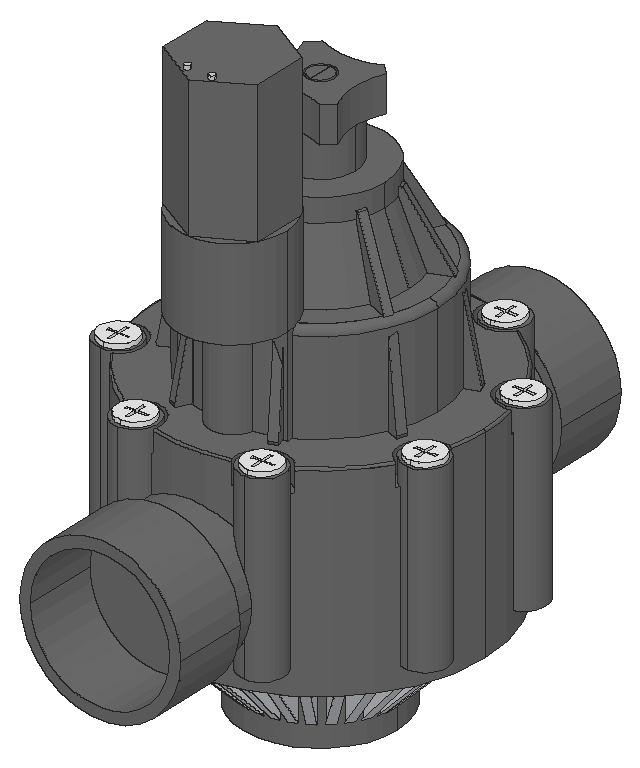
Revit family "Valve - PGA Series - 150PGA", category Acessórios do tubo, Revit 2020
Family settings
  Cota do conector redondo = Utilizar diâmetro
  Tipo de parte = Normal
  Número OmniClass = 23.60.30.11.14
  Título OmniClass = Pipework Fittings
  Com base no plano de trabalho = Não
  Sempre na vertical = Sim
  Corte com vazios quando carregada = Não
  Compartilhado = Não
Parameters (values of type "150-PGA")
  a [instance] = 1.27 cm
  URL = "https://www.rainbird.com/"
  SupportProjetos: Reviw Date = "10/11/2020"  # constant formula
  SupportProjetos: Reviw = "R01"  # constant formula
  SupportProjetos: Level of Detail = "LOD 300"  # constant formula
  SupportProjetos: Developed = "MICHEL SOARES MOTA"  # constant formula
  SupportProjetos: Creation Date = "25/08/2020"  # constant formula
  RainBird: Product Link = "https://www.rainbird.com/"
  RainBird: Description = "Valves - PGA Series - 150PGA"
  RainBird: Comment = ""
  RainBird: Code = "B30410"  # constant formula
  R3 [instance] = 3.81 cm
  R2 [instance] = 3.81 cm
  R1 [instance] = 3.81 cm
  Modelo = "150PGA"
  Material Parafuso = Aço cromado
  Material = PVC-U
  Elevação padrão = 0 cm
  Diametro corpo [instance] = 9 cm
  Diametro Tubo = 3.81 cm
  Det1 [instance] = 2 cm
  Descrição = RainBird: Description  # "Valves - PGA Series - 150PGA"
  Caminho croqui = 11 cm
  Anotação da Válvula = yes
Types (3, lengths in cm): name | RainBird: Description | Modelo | Descrição
  (no name) | "Valves - PGA Series - 150PGA" | "150PGA" | "Valves - PGA Series - 150PGA"
  150-PGA | "Valves - PGA Series - 150PGA" | "150PGA" | "Valves - PGA Series - 150PGA"
  150-PGA-PRS-D | "Valves - PGA Series - 150PGA-PRS-D" | "150PGA-PRS-D" | "Valves - PGA Series - 150PGA-PRS-D"
Reference planes (cm)
  plane 1 "Centro (Frente/Trás)": y = 0
  plane 2: z = 0
  plane 3 "Centro (Esquerda/Direita)": x = 0
  plane 4: through (0.0044, -0.0161, 120) normal (-0.9239, 0.3827, 0)
  plane 5: through (0.1011, 0.024, 120) normal (-0.3827, -0.9239, 0)
Forms (cm)
  Sweep 1, solid, material "PVC-U" <- "Material"
    path origin (0, 0, 0) x (1, 0, 0) y (0, 1, 0)
      loop
        circle (0, 0) r 4.5
    profile origin (0, 4.5, 0) x (0, -1, 0) y (0, 0, 1)
      loop
        line (0, -2.397) -> (2.3943, -3.1378) -> (2.3943, -5.0031) -> (2.595, -5.0031) -> (2.595, -3.1717) -> (3.2321, -3.1717) -> (3.2321, 7.0199) -> (4.0412, 7.0199) -> (4.0412, 9.3751) -> (3.5353, 9.3751) -> (3.5353, 8.2745) -> (2.7355, 8.2745) -> (2.7355, 7.6545) -> (2.0932, 5.8899) -> (1.5035, 5.8899)
        arc (1.5035, 5.8899) -> (1.3596, 5.8303) -> (1.3, 5.6864) r 0.2035
        line (1.3, 5.6864) -> (1.3, 3.1717) -> (0.0537, 3.1717)
        arc (0.0537, 3.1717) -> (0.0157, 3.156) -> (0, 3.118) r 0.0537
        line (0, 3.118) -> (0, -2.397)
  Extrusion 2, solid, material "PVC-U" <- "Material"
    sketch origin (0, 0, 0) x (0, 1, 0) y (-1, 0, 0)
      loop
        circle (-1.6749, -4.2026) r 0.5971
      loop
        circle (1.7135, -4.18) r 0.5971
      loop
        circle (4.1542, -1.7318) r 0.5971
      loop
        circle (4.1489, 1.6995) r 0.5971
      loop
        circle (1.769, 4.1115) r 0.5971
      loop
        circle (-1.7306, 4.1349) r 0.5971
      loop
        circle (-4.1607, 1.7124) r 0.5971
      loop
        circle (-4.166, -1.7446) r 0.5971
    from -1.7848 to 3.1717
  Extrusion 3, void
    sketch origin (0, 20, 0) x (0, 1, 0) y (-1, 0, 0)
      loop
        circle (-24.1607, 1.7124) r 0.6982
      loop
        circle (-21.7306, 4.1349) r 0.6982
      loop
        circle (-18.231, 4.1115) r 0.6982
      loop
        circle (-24.166, -1.7446) r 0.6982
      loop
        circle (-15.8511, 1.6995) r 0.6982
      loop
        circle (-15.8458, -1.7318) r 0.6982
      loop
        circle (-18.2865, -4.18) r 0.6982
      loop
        circle (-21.6749, -4.2026) r 0.6982
    from 2.5471 to 3.2579
  Extrusion 4, solid, material "Aço cromado" <- "Material Parafuso"
    sketch origin (0, 0, 0) x (0, 1, 0) y (-1, 0, 0)
      loop
        circle (-1.7306, 4.1349) r 0.5
      loop
        line (-1.7745, 4.1618) -> (-2.0351, 4.1618) -> (-2.0351, 4.0778) -> (-1.7745, 4.0778) -> (-1.7745, 3.8166) -> (-1.6963, 3.8166) -> (-1.6963, 4.0778) -> (-1.4386, 4.0778) -> (-1.4386, 4.1618) -> (-1.6963, 4.1618) -> (-1.6963, 4.4033) -> (-1.7745, 4.4033) -> (-1.7745, 4.1618)
      loop
        circle (-4.1607, 1.7124) r 0.5
      loop
        line (-4.2046, 1.7392) -> (-4.4652, 1.7392) -> (-4.4652, 1.6552) -> (-4.2046, 1.6552) -> (-4.2046, 1.3941) -> (-4.1264, 1.3941) -> (-4.1264, 1.6552) -> (-3.8686, 1.6552) -> (-3.8686, 1.7392) -> (-4.1264, 1.7392) -> (-4.1264, 1.9807) -> (-4.2046, 1.9807) -> (-4.2046, 1.7392)
      loop
        circle (-4.166, -1.7446) r 0.5
      loop
        line (-4.2099, -1.7178) -> (-4.4705, -1.7178) -> (-4.4705, -1.8017) -> (-4.2099, -1.8017) -> (-4.2099, -2.0629) -> (-4.1317, -2.0629) -> (-4.1317, -1.8017) -> (-3.874, -1.8017) -> (-3.874, -1.7178) -> (-4.1317, -1.7178) -> (-4.1317, -1.4763) -> (-4.2099, -1.4763) -> (-4.2099, -1.7178)
      loop
        circle (-1.6749, -4.2026) r 0.5
      loop
        line (-1.7188, -4.1758) -> (-1.9794, -4.1758) -> (-1.9794, -4.2598) -> (-1.7188, -4.2598) -> (-1.7188, -4.521) -> (-1.6406, -4.521) -> (-1.6406, -4.2598) -> (-1.3829, -4.2598) -> (-1.3829, -4.1758) -> (-1.6406, -4.1758) -> (-1.6406, -3.9343) -> (-1.7188, -3.9343) -> (-1.7188, -4.1758)
      loop
        circle (1.7135, -4.18) r 0.5
      loop
        line (1.6696, -4.1531) -> (1.409, -4.1531) -> (1.409, -4.2371) -> (1.6696, -4.2371) -> (1.6696, -4.4983) -> (1.7478, -4.4983) -> (1.7478, -4.2371) -> (2.0056, -4.2371) -> (2.0056, -4.1531) -> (1.7478, -4.1531) -> (1.7478, -3.9116) -> (1.6696, -3.9116) -> (1.6696, -4.1531)
      loop
        circle (4.1542, -1.7318) r 0.5
      loop
        line (4.1103, -1.7049) -> (3.8497, -1.7049) -> (3.8497, -1.7889) -> (4.1103, -1.7889) -> (4.1103, -2.0501) -> (4.1885, -2.0501) -> (4.1885, -1.7889) -> (4.4462, -1.7889) -> (4.4462, -1.7049) -> (4.1885, -1.7049) -> (4.1885, -1.4634) -> (4.1103, -1.4634) -> (4.1103, -1.7049)
      loop
        circle (1.769, 4.1115) r 0.5
      loop
        line (1.725, 4.1384) -> (1.4645, 4.1384) -> (1.4645, 4.0544) -> (1.725, 4.0544) -> (1.725, 3.7932) -> (1.8032, 3.7932) -> (1.8032, 4.0544) -> (2.061, 4.0544) -> (2.061, 4.1384) -> (1.8032, 4.1384) -> (1.8032, 4.3799) -> (1.725, 4.3799) -> (1.725, 4.1384)
      loop
        circle (4.1489, 1.6995) r 0.5
      loop
        line (4.105, 1.7264) -> (3.8444, 1.7264) -> (3.8444, 1.6424) -> (4.105, 1.6424) -> (4.105, 1.3812) -> (4.1832, 1.3812) -> (4.1832, 1.6424) -> (4.4409, 1.6424) -> (4.4409, 1.7264) -> (4.1832, 1.7264) -> (4.1832, 1.9679) -> (4.105, 1.9679) -> (4.105, 1.7264)
    from 3.1717 to 3.2923
  Sweep 5, solid, material "PVC-U" <- "Material"
    path origin (0, 0, 0) x (1, 0, 0) y (0, 1, 0)
      loop
        line (0, -5.5) -> (0, 5.5)
    profile origin (0, 0, 0) x (-1, 0, 0) y (0, 0, 1)
      loop
        circle (0, 0) r 1.905
  Sweep 6, solid, material "PVC-U" <- "Material"
    path origin (0, 0, 0) x (1, 0, 0) y (0, 1, 0)
      loop
        line (0, 5.5) -> (0, 7.5)
    profile origin (0, 6.5, 0) x (-1, 0, 0) y (0, 0, 1)
      loop
        circle (0, 0) r 2.1996
      loop
        circle (0, 0) r 1.905
  Sweep 7, solid, material "PVC-U" <- "Material"
    path origin (0, 0, 0) x (1, 0, 0) y (0, 1, 0)
      loop
        line (0, -5.5) -> (0, -7.5)
    profile origin (0, -6.5, 0) x (1, 0, 0) y (0, 0, 1)
      loop
        circle (0, 0) r 1.905
      loop
        circle (0, 0) r 2.1996
  Extrusion 8, solid, material "PVC-U" <- "Material"
    sketch origin (0, 0, 0) x (1, 0, 0) y (0, 1, 0)
      loop
        circle (-1.2684, 1.1319) r 0.5
    from 4.73 to 7.1863
  Extrusion 9, solid, material "PVC-U" <- "Material"
    sketch origin (0, 0, 0) x (1, 0, 0) y (0, 1, 0)
      loop
        circle (-1.2684, 1.1319) r 0.35
    from 7.1863 to 8.23
  Extrusion 10, solid, material "PVC-U" <- "Material"
    sketch origin (0, 0, 0) x (1, 0, 0) y (0, 1, 0)
      loop
        circle (-1.2684, 1.1319) r 0.1348
      loop
        line (-1.5709, 1.5211) -> (-1.6659, 1.4261)
        arc (-1.6659, 1.4261) -> (-1.5973, 1.1326) -> (-1.6637, 0.8386) r 0.673
        line (-1.6637, 0.8386) -> (-1.5688, 0.7436)
        arc (-1.5688, 0.7436) -> (-1.2712, 0.8132) -> (-0.9736, 0.7436) r 0.6718
        line (-0.9736, 0.7436) -> (-0.8778, 0.8394)
        arc (-0.8778, 0.8394) -> (-0.9436, 1.1315) -> (-0.8786, 1.4239) r 0.686
        line (-0.8786, 1.4239) -> (-0.9762, 1.5215)
        arc (-0.9762, 1.5215) -> (-1.2735, 1.4534) -> (-1.5709, 1.5211) r 0.6846
    from 8.23 to 8.509
  Extrusion 11, solid, material "PVC-U" <- "Material"
    sketch origin (1.2875, -1.1319, 0) x (1, 0, 0) y (0, 1, 0)
      loop
        circle (-1.2684, 1.1319) r 0.3851
      loop
        line (-2.1324, 2.2437) -> (-2.4038, 1.9724)
        arc (-2.4038, 1.9724) -> (-2.2079, 1.134) -> (-2.3976, 0.2941) r 1.9225
        line (-2.3976, 0.2941) -> (-2.1264, 0.0229)
        arc (-2.1264, 0.0229) -> (-1.2763, 0.2215) -> (-0.4262, 0.0229) r 1.9189
        line (-0.4262, 0.0229) -> (-0.1528, 0.2963)
        arc (-0.1528, 0.2963) -> (-0.3407, 1.131) -> (-0.1551, 1.9661) r 1.9594
        line (-0.1551, 1.9661) -> (-0.4338, 2.2448)
        arc (-0.4338, 2.2448) -> (-1.283, 2.0502) -> (-2.1324, 2.2437) r 1.9556
      loop
        arc (-1.3071, 1.4648) -> (-1.6036, 1.1319) -> (-1.3071, 0.799) r 0.3351
        line (-1.3071, 0.799) -> (-1.3071, 1.4648)
      loop
        line (-1.2684, 1.467) -> (-1.2684, 0.7967)
        arc (-1.2684, 0.7967) -> (-0.9581, 1.1319) -> (-1.2684, 1.467) r 0.3361
    from 9.3751 to 10.3365
  Extrusion 12, solid, material "PVC-U" <- "Material"
    sketch origin (0, 0, 0) x (1, 0, 0) y (0, 1, 0)
      loop
        circle (0, 0) r 0.7379
    from 8.3753 to 9.3751
  Extrusion 13, solid, material "PVC-U" <- "Material"
    sketch origin (0, 0, 0) x (1, 0, 0) y (0, 1, 0)
      loop
        circle (0, -3) r 0.6406
    from 1.7812 to 5.8349
  Extrusion 14, solid, material "PVC-U" <- "Material"
    sketch origin (0, 0, 0) x (1, 0, 0) y (0, 1, 0)
      loop
        circle (0, -3) r 1.5
    from 5.8349 to 8.3126
  Extrusion 15, solid, material "PVC-U" <- "Material"
    sketch origin (0, 0, 0) x (1, 0, 0) y (0, 1, 0)
      loop
        line (0, -4.5) -> (1.299, -3.75) -> (1.299, -2.25) -> (0, -1.5) -> (-1.299, -2.25) -> (-1.299, -3.75) -> (0, -4.5)
    from 8.3126 to 12.15
  Extrusion 16, solid, material "PVC-U" <- "Material"
    sketch origin (0, 0, 0) x (1, 0, 0) y (0, 1, 0)
      loop
        arc (1.5, -3) -> (0, -1.5) -> (-1.5, -3) r 1.5
        line (-1.5, -3) -> (1.5, -3)
    from 1.7812 to 5.8349
  Extrusion 17, solid
    sketch origin (0, 0, 0) x (1, 0, 0) y (0, 1, 0)
      loop
        circle (-0.329, -4.1208) r 0.0806
      loop
        circle (0.3553, -4.1386) r 0.0824
    from 12.15 to 12.2333
  Extrusion 18, solid
    sketch origin (0, 0, 0) x (1, 0, 0) y (0, 0, 1)
      loop
        line (1.9181, -3.1958) -> (1.9181, -4.5933) -> (3.9417, -2.5697) -> (1.9181, -3.1958)
    from -0.114 to 0.114
  Extrusion 19, solid
    sketch origin (0, 0, 0) x (0.980785, -0.19509, 0) y (0, 0, 1)
      loop
        line (1.9181, -3.1958) -> (1.9181, -4.5933) -> (3.9417, -2.5697) -> (1.9181, -3.1958)
    from -0.114 to 0.114
  Extrusion 20, solid
    sketch origin (0, 0, 0) x (0.92388, -0.382683, 0) y (0, 0, 1)
      loop
        line (1.9181, -3.1958) -> (1.9181, -4.5933) -> (3.9417, -2.5697) -> (1.9181, -3.1958)
    from -0.114 to 0.114
  Extrusion 21, solid
    sketch origin (0, 0, 0) x (0.83147, -0.55557, 0) y (0, 0, 1)
      loop
        line (1.9181, -3.1958) -> (1.9181, -4.5933) -> (3.9417, -2.5697) -> (1.9181, -3.1958)
    from -0.114 to 0.114
  Extrusion 22, solid
    sketch origin (0, 0, 0) x (0.707107, -0.707107, 0) y (0, 0, 1)
      loop
        line (1.9181, -3.1958) -> (1.9181, -4.5933) -> (3.9417, -2.5697) -> (1.9181, -3.1958)
    from -0.114 to 0.114
  Extrusion 23, solid
    sketch origin (0, 0, 0) x (0.55557, -0.83147, 0) y (0, 0, 1)
      loop
        line (1.9181, -3.1958) -> (1.9181, -4.5933) -> (3.9417, -2.5697) -> (1.9181, -3.1958)
    from -0.114 to 0.114
  Extrusion 24, solid
    sketch origin (0, 0, 0) x (0.382683, -0.92388, 0) y (0, 0, 1)
      loop
        line (1.9181, -3.1958) -> (1.9181, -4.5933) -> (3.9417, -2.5697) -> (1.9181, -3.1958)
    from -0.114 to 0.114
  Extrusion 25, solid
    sketch origin (0, 0, 0) x (0.19509, -0.980785, 0) y (0, 0, 1)
      loop
        line (1.9181, -3.1958) -> (1.9181, -4.5933) -> (3.9417, -2.5697) -> (1.9181, -3.1958)
    from -0.114 to 0.114
  Extrusion 26, solid
    sketch origin (0, 0, 0) x (0, -1, 0) y (0, 0, 1)
      loop
        line (1.9181, -3.1958) -> (1.9181, -4.5933) -> (3.9417, -2.5697) -> (1.9181, -3.1958)
    from -0.114 to 0.114
  Extrusion 27, solid
    sketch origin (0, 0, 0) x (-0.19509, -0.980785, 0) y (0, 0, 1)
      loop
        line (1.9181, -3.1958) -> (1.9181, -4.5933) -> (3.9417, -2.5697) -> (1.9181, -3.1958)
    from -0.114 to 0.114
  Extrusion 28, solid
    sketch origin (0, 0, 0) x (-0.382683, -0.92388, 0) y (0, 0, 1)
      loop
        line (1.9181, -3.1958) -> (1.9181, -4.5933) -> (3.9417, -2.5697) -> (1.9181, -3.1958)
    from -0.114 to 0.114
  Extrusion 29, solid
    sketch origin (0, 0, 0) x (-0.55557, -0.83147, 0) y (0, 0, 1)
      loop
        line (1.9181, -3.1958) -> (1.9181, -4.5933) -> (3.9417, -2.5697) -> (1.9181, -3.1958)
    from -0.114 to 0.114
  Extrusion 30, solid
    sketch origin (0, 0, 0) x (-0.707107, -0.707107, 0) y (0, 0, 1)
      loop
        line (1.9181, -3.1958) -> (1.9181, -4.5933) -> (3.9417, -2.5697) -> (1.9181, -3.1958)
    from -0.114 to 0.114
  Extrusion 31, solid
    sketch origin (0, 0, 0) x (-0.83147, -0.55557, 0) y (0, 0, 1)
      loop
        line (1.9181, -3.1958) -> (1.9181, -4.5933) -> (3.9417, -2.5697) -> (1.9181, -3.1958)
    from -0.114 to 0.114
  Extrusion 32, solid
    sketch origin (0, 0, 0) x (-0.92388, -0.382683, 0) y (0, 0, 1)
      loop
        line (1.9181, -3.1958) -> (1.9181, -4.5933) -> (3.9417, -2.5697) -> (1.9181, -3.1958)
    from -0.114 to 0.114
  Extrusion 33, solid
    sketch origin (0, 0, 0) x (-0.980785, -0.19509, 0) y (0, 0, 1)
      loop
        line (1.9181, -3.1958) -> (1.9181, -4.5933) -> (3.9417, -2.5697) -> (1.9181, -3.1958)
    from -0.114 to 0.114
  Extrusion 34, solid
    sketch origin (0, 0, 0) x (-1, 0, 0) y (0, 0, -1)
      loop
        line (1.9181, 3.1958) -> (3.9417, 2.5697) -> (1.9181, 4.5933) -> (1.9181, 3.1958)
    from -0.114 to 0.114
  Extrusion 35, solid
    sketch origin (0, 0, 0) x (0.980785, 0.19509, 0) y (0, 0, -1)
      loop
        line (1.9181, 3.1958) -> (3.9417, 2.5697) -> (1.9181, 4.5933) -> (1.9181, 3.1958)
    from -0.114 to 0.114
  Extrusion 36, solid
    sketch origin (0, 0, 0) x (0.92388, 0.382683, 0) y (0, 0, -1)
      loop
        line (1.9181, 3.1958) -> (3.9417, 2.5697) -> (1.9181, 4.5933) -> (1.9181, 3.1958)
    from -0.114 to 0.114
  Extrusion 37, solid
    sketch origin (0, 0, 0) x (0.83147, 0.55557, 0) y (0, 0, -1)
      loop
        line (1.9181, 3.1958) -> (3.9417, 2.5697) -> (1.9181, 4.5933) -> (1.9181, 3.1958)
    from -0.114 to 0.114
  Extrusion 38, solid
    sketch origin (0, 0, 0) x (0.707107, 0.707107, 0) y (0, 0, -1)
      loop
        line (1.9181, 3.1958) -> (3.9417, 2.5697) -> (1.9181, 4.5933) -> (1.9181, 3.1958)
    from -0.114 to 0.114
  Extrusion 39, solid
    sketch origin (0, 0, 0) x (0.55557, 0.83147, 0) y (0, 0, -1)
      loop
        line (1.9181, 3.1958) -> (3.9417, 2.5697) -> (1.9181, 4.5933) -> (1.9181, 3.1958)
    from -0.114 to 0.114
  Extrusion 40, solid
    sketch origin (0, 0, 0) x (0.382683, 0.92388, 0) y (0, 0, -1)
      loop
        line (1.9181, 3.1958) -> (3.9417, 2.5697) -> (1.9181, 4.5933) -> (1.9181, 3.1958)
    from -0.114 to 0.114
  Extrusion 41, solid
    sketch origin (0, 0, 0) x (0.19509, 0.980785, 0) y (0, 0, -1)
      loop
        line (1.9181, 3.1958) -> (3.9417, 2.5697) -> (1.9181, 4.5933) -> (1.9181, 3.1958)
    from -0.114 to 0.114
  Extrusion 42, solid
    sketch origin (0, 0, 0) x (0, 1, 0) y (0, 0, -1)
      loop
        line (1.9181, 3.1958) -> (3.9417, 2.5697) -> (1.9181, 4.5933) -> (1.9181, 3.1958)
    from -0.114 to 0.114
  Extrusion 43, solid
    sketch origin (0, 0, 0) x (-0.19509, 0.980785, 0) y (0, 0, -1)
      loop
        line (1.9181, 3.1958) -> (3.9417, 2.5697) -> (1.9181, 4.5933) -> (1.9181, 3.1958)
    from -0.114 to 0.114
  Extrusion 44, solid
    sketch origin (0, 0, 0) x (-0.382683, 0.92388, 0) y (0, 0, -1)
      loop
        line (1.9181, 3.1958) -> (3.9417, 2.5697) -> (1.9181, 4.5933) -> (1.9181, 3.1958)
    from -0.114 to 0.114
  Extrusion 45, solid
    sketch origin (0, 0, 0) x (-0.55557, 0.83147, 0) y (0, 0, -1)
      loop
        line (1.9181, 3.1958) -> (3.9417, 2.5697) -> (1.9181, 4.5933) -> (1.9181, 3.1958)
    from -0.114 to 0.114
  Extrusion 46, solid
    sketch origin (0, 0, 0) x (-0.707107, 0.707107, 0) y (0, 0, -1)
      loop
        line (1.9181, 3.1958) -> (3.9417, 2.5697) -> (1.9181, 4.5933) -> (1.9181, 3.1958)
    from -0.114 to 0.114
  Extrusion 47, solid
    sketch origin (0, 0, 0) x (-0.83147, 0.55557, 0) y (0, 0, -1)
      loop
        line (1.9181, 3.1958) -> (3.9417, 2.5697) -> (1.9181, 4.5933) -> (1.9181, 3.1958)
    from -0.114 to 0.114
  Extrusion 48, solid
    sketch origin (0, 0, 0) x (-0.92388, 0.382683, 0) y (0, 0, -1)
      loop
        line (1.9181, 3.1958) -> (3.9417, 2.5697) -> (1.9181, 4.5933) -> (1.9181, 3.1958)
    from -0.114 to 0.114
  Extrusion 49, solid
    sketch origin (0, 0, 0) x (-0.980785, 0.19509, 0) y (0, 0, -1)
      loop
        line (1.9181, 3.1958) -> (3.9417, 2.5697) -> (1.9181, 4.5933) -> (1.9181, 3.1958)
    from -0.114 to 0.114
  Extrusion 50, solid, material "PVC-U" <- "Material"
    sketch origin (0, 0, 0) x (0.382683, 0.92388, 0) y (0, 0, 1)
      loop
        arc (1.8553, 7.8657) -> (1.8004, 7.8881) -> (1.7645, 7.841) r 0.0488
        line (1.7645, 7.841) -> (1.7645, 7.6545) -> (2.4068, 5.8899) -> (3.1225, 3.1717) -> (3.535, 3.1717)
        arc (3.535, 3.1717) -> (3.591, 3.198) -> (3.6067, 3.2577) r 0.0729
        line (3.6067, 3.2577) -> (3.1729, 5.6256) -> (1.8553, 7.8657)
    from -0.114 to 0.114
  Extrusion 51, solid, material "PVC-U" <- "Material"
    sketch origin (0, 0, 0) x (-0.382683, 0.92388, 0) y (0, 0, -1)
      loop
        line (1.8553, -7.8657) -> (3.1729, -5.6256) -> (3.6067, -3.2577)
        arc (3.6067, -3.2577) -> (3.591, -3.198) -> (3.535, -3.1717) r 0.0729
        line (3.535, -3.1717) -> (3.1225, -3.1717) -> (2.4068, -5.8899) -> (1.7645, -7.6545) -> (1.7645, -7.841)
        arc (1.7645, -7.841) -> (1.8004, -7.8881) -> (1.8553, -7.8657) r 0.0488
    from -0.114 to 0.114
  Extrusion 52, solid, material "PVC-U" <- "Material"
    sketch origin (0, 0, 0) x (0.92388, 0.382683, 0) y (0, 0, -1)
      loop
        line (1.8553, -7.8657) -> (3.1729, -5.6256) -> (3.6067, -3.2577)
        arc (3.6067, -3.2577) -> (3.591, -3.198) -> (3.535, -3.1717) r 0.0729
        line (3.535, -3.1717) -> (3.1225, -3.1717) -> (2.4068, -5.8899) -> (1.7645, -7.6545) -> (1.7645, -7.841)
        arc (1.7645, -7.841) -> (1.8004, -7.8881) -> (1.8553, -7.8657) r 0.0488
    from -0.114 to 0.114
  Extrusion 53, solid, material "PVC-U" <- "Material"
    sketch origin (0, 0, 0) x (-0.92388, 0.382683, 0) y (0, 0, 1)
      loop
        arc (1.8553, 7.8657) -> (1.8004, 7.8881) -> (1.7645, 7.841) r 0.0488
        line (1.7645, 7.841) -> (1.7645, 7.6545) -> (2.4068, 5.8899) -> (3.1225, 3.1717) -> (3.535, 3.1717)
        arc (3.535, 3.1717) -> (3.591, 3.198) -> (3.6067, 3.2577) r 0.0729
        line (3.6067, 3.2577) -> (3.1729, 5.6256) -> (1.8553, 7.8657)
    from -0.114 to 0.114
  Extrusion 54, solid, material "PVC-U" <- "Material"
    sketch origin (0, 0, 0) x (0.382683, -0.92388, 0) y (0, 0, -1)
      loop
        line (1.8553, -7.8657) -> (3.1729, -5.6256) -> (3.6067, -3.2577)
        arc (3.6067, -3.2577) -> (3.591, -3.198) -> (3.535, -3.1717) r 0.0729
        line (3.535, -3.1717) -> (3.1225, -3.1717) -> (2.4068, -5.8899) -> (1.7645, -7.6545) -> (1.7645, -7.841)
        arc (1.7645, -7.841) -> (1.8004, -7.8881) -> (1.8553, -7.8657) r 0.0488
    from -0.114 to 0.114
  Extrusion 55, solid, material "PVC-U" <- "Material"
    sketch origin (0, 0, 0) x (-0.382683, -0.92388, 0) y (0, 0, 1)
      loop
        arc (1.8553, 7.8657) -> (1.8004, 7.8881) -> (1.7645, 7.841) r 0.0488
        line (1.7645, 7.841) -> (1.7645, 7.6545) -> (2.4068, 5.8899) -> (3.1225, 3.1717) -> (3.535, 3.1717)
        arc (3.535, 3.1717) -> (3.591, 3.198) -> (3.6067, 3.2577) r 0.0729
        line (3.6067, 3.2577) -> (3.1729, 5.6256) -> (1.8553, 7.8657)
    from -0.114 to 0.114
  Extrusion 56, solid, material "PVC-U" <- "Material"
    sketch origin (0, 0, 0) x (0.92388, -0.382683, 0) y (0, 0, 1)
      loop
        arc (1.8553, 7.8657) -> (1.8004, 7.8881) -> (1.7645, 7.841) r 0.0488
        line (1.7645, 7.841) -> (1.7645, 7.6545) -> (2.4068, 5.8899) -> (3.1225, 3.1717) -> (3.535, 3.1717)
        arc (3.535, 3.1717) -> (3.591, 3.198) -> (3.6067, 3.2577) r 0.0729
        line (3.6067, 3.2577) -> (3.1729, 5.6256) -> (1.8553, 7.8657)
    from -0.114 to 0.114
  Extrusion 57, solid, material "PVC-U" <- "Material"
    sketch origin (0, 0, 0) x (-0.92388, -0.382683, 0) y (0, 0, -1)
      loop
        line (1.8553, -7.8657) -> (3.1729, -5.6256) -> (3.6067, -3.2577)
        arc (3.6067, -3.2577) -> (3.591, -3.198) -> (3.535, -3.1717) r 0.0729
        line (3.535, -3.1717) -> (3.1225, -3.1717) -> (2.4068, -5.8899) -> (1.7645, -7.6545) -> (1.7645, -7.841)
        arc (1.7645, -7.841) -> (1.8004, -7.8881) -> (1.8553, -7.8657) r 0.0488
    from -0.114 to 0.114
Cuts and joins
  Extrusion 3 cuts Sweep 1
  joined: Extrusion 14, Extrusion 15, Extrusion 16
Lines and regions (cm)
  model lines, visible <- "Anotação da Válvula"
    curve 1: line (0, 0, 0) -> (-32, 0, 0)
Dimensions and locks (cm)
  "Caminho croqui": Sweep 5 sketch curve to Sweep 5 sketch curve
  equal spacing: Sweep 5 sketch curve, plane 1 "Centro (Frente/Trás)", Sweep 5 sketch curve
  "Det1": Sweep 6 sketch curve to Sweep 6 sketch curve
  "Det1": Sweep 7 sketch curve to Sweep 7 sketch curve
  equal spacing: Extrusion 18, plane 1 "Centro (Frente/Trás)", Extrusion 18
  Extrusion 20 to Extrusion 20 = 0.228 cm
  Extrusion 22 to Extrusion 22 = 0.228 cm
  Extrusion 26 to Extrusion 26 = 0.228 cm
  Extrusion 34 to Extrusion 34 = 0.228 cm
  plane 1 "Centro (Frente/Trás)" to Sweep 1 sketch curve = 1.905 cm
  "Diametro corpo": diameter of Sweep 1 sketch curve
  "Diametro Tubo": diameter of Sweep 5 sketch curve
  aligned and locked: level to plane 2
  aligned and locked: Sweep 5 to Sweep 6 sketch curve
  aligned and locked: Sweep 5 to Sweep 7 sketch curve
  aligned and locked: Extrusion 10 to Extrusion 9
  aligned and locked: Extrusion 11 to Extrusion 12
  aligned and locked: Extrusion 14 to Extrusion 13
  aligned and locked: Extrusion 15 to Extrusion 14
  aligned and locked: Extrusion 16 sketch curve to Extrusion 14
  aligned and locked: Extrusion 16 to Extrusion 13  (x2)
  aligned and locked: Extrusion 17 to cut or joined group of Extrusion 14, Extrusion 15, Extrusion 16
Automatic sketch dimensions
  plane 3 "Centro (Esquerda/Direita)" to Extrusion 18 sketch curve = 1.9181 cm
  Extrusion 18 sketch curve to Extrusion 18 sketch curve = 2.0236 cm
  Extrusion 18 sketch curve to level = 4.5933 cm
  Extrusion 18 sketch curve to Extrusion 18 sketch curve = 1.3975 cm
  Extrusion 18 sketch curve to Extrusion 18 sketch curve = 0.6261 cm
  Extrusion 19 sketch curve to Extrusion 19 sketch curve = 2.0236 cm
  Extrusion 19 sketch curve to level = 4.5933 cm
  Extrusion 19 sketch curve to Extrusion 19 sketch curve = 1.3975 cm
  Extrusion 19 sketch curve to Extrusion 19 sketch curve = 0.6261 cm
  Extrusion 20 sketch curve to Extrusion 20 sketch curve = 2.0236 cm
  Extrusion 20 sketch curve to level = 4.5933 cm
  Extrusion 20 sketch curve to Extrusion 20 sketch curve = 1.3975 cm
  Extrusion 20 sketch curve to Extrusion 20 sketch curve = 0.6261 cm
  Extrusion 21 sketch curve to Extrusion 21 sketch curve = 2.0236 cm
  Extrusion 21 sketch curve to level = 4.5933 cm
  Extrusion 21 sketch curve to Extrusion 21 sketch curve = 1.3975 cm
  Extrusion 21 sketch curve to Extrusion 21 sketch curve = 0.6261 cm
  Extrusion 22 sketch curve to Extrusion 22 sketch curve = 2.0236 cm
  Extrusion 22 sketch curve to level = 4.5933 cm
  Extrusion 22 sketch curve to Extrusion 22 sketch curve = 1.3975 cm
  Extrusion 22 sketch curve to Extrusion 22 sketch curve = 0.6261 cm
  Extrusion 23 sketch curve to Extrusion 23 sketch curve = 2.0236 cm
  Extrusion 23 sketch curve to level = 4.5933 cm
  Extrusion 23 sketch curve to Extrusion 23 sketch curve = 1.3975 cm
  Extrusion 23 sketch curve to Extrusion 23 sketch curve = 0.6261 cm
  Extrusion 24 sketch curve to Extrusion 24 sketch curve = 2.0236 cm
  Extrusion 24 sketch curve to level = 4.5933 cm
  Extrusion 24 sketch curve to Extrusion 24 sketch curve = 1.3975 cm
  Extrusion 24 sketch curve to Extrusion 24 sketch curve = 0.6261 cm
  Extrusion 25 sketch curve to Extrusion 25 sketch curve = 2.0236 cm
  Extrusion 25 sketch curve to level = 4.5933 cm
  Extrusion 25 sketch curve to Extrusion 25 sketch curve = 1.3975 cm
  Extrusion 25 sketch curve to Extrusion 25 sketch curve = 0.6261 cm
  Extrusion 27 sketch curve to Extrusion 27 sketch curve = 2.0236 cm
  Extrusion 27 sketch curve to level = 4.5933 cm
  Extrusion 27 sketch curve to Extrusion 27 sketch curve = 1.3975 cm
  Extrusion 27 sketch curve to Extrusion 27 sketch curve = 0.6261 cm
  Extrusion 28 sketch curve to Extrusion 28 sketch curve = 2.0236 cm
  Extrusion 28 sketch curve to level = 4.5933 cm
  Extrusion 28 sketch curve to Extrusion 28 sketch curve = 1.3975 cm
  Extrusion 28 sketch curve to Extrusion 28 sketch curve = 0.6261 cm
  Extrusion 29 sketch curve to Extrusion 29 sketch curve = 2.0236 cm
  Extrusion 29 sketch curve to level = 4.5933 cm
  Extrusion 29 sketch curve to Extrusion 29 sketch curve = 1.3975 cm
  Extrusion 29 sketch curve to Extrusion 29 sketch curve = 0.6261 cm
  Extrusion 30 sketch curve to Extrusion 30 sketch curve = 2.0236 cm
  Extrusion 30 sketch curve to level = 4.5933 cm
  Extrusion 30 sketch curve to Extrusion 30 sketch curve = 1.3975 cm
  Extrusion 30 sketch curve to Extrusion 30 sketch curve = 0.6261 cm
  Extrusion 31 sketch curve to Extrusion 31 sketch curve = 2.0236 cm
  Extrusion 31 sketch curve to level = 4.5933 cm
  Extrusion 31 sketch curve to Extrusion 31 sketch curve = 1.3975 cm
  Extrusion 31 sketch curve to Extrusion 31 sketch curve = 0.6261 cm
  Extrusion 32 sketch curve to Extrusion 32 sketch curve = 2.0236 cm
  Extrusion 32 sketch curve to level = 4.5933 cm
  Extrusion 32 sketch curve to Extrusion 32 sketch curve = 1.3975 cm
  Extrusion 32 sketch curve to Extrusion 32 sketch curve = 0.6261 cm
  Extrusion 33 sketch curve to Extrusion 33 sketch curve = 2.0236 cm
  Extrusion 33 sketch curve to level = 4.5933 cm
  Extrusion 33 sketch curve to Extrusion 33 sketch curve = 1.3975 cm
  Extrusion 33 sketch curve to Extrusion 33 sketch curve = 0.6261 cm
  plane 3 "Centro (Esquerda/Direita)" to Extrusion 34 sketch curve = 1.9181 cm
  Extrusion 34 sketch curve to Extrusion 34 sketch curve = 2.0236 cm
  level to Extrusion 34 sketch curve = 4.5933 cm
  Extrusion 34 sketch curve to Extrusion 34 sketch curve = 1.3975 cm
  Extrusion 34 sketch curve to Extrusion 34 sketch curve = 0.6261 cm
  Extrusion 35 sketch curve to Extrusion 35 sketch curve = 2.0236 cm
  Extrusion 35 sketch curve to level = 2.5697 cm
  Extrusion 35 sketch curve to Extrusion 35 sketch curve = 0.6261 cm
  Extrusion 35 sketch curve to Extrusion 35 sketch curve = 1.3975 cm
  Extrusion 36 sketch curve to Extrusion 36 sketch curve = 2.0236 cm
  Extrusion 36 sketch curve to level = 2.5697 cm
  Extrusion 36 sketch curve to Extrusion 36 sketch curve = 0.6261 cm
  Extrusion 36 sketch curve to Extrusion 36 sketch curve = 1.3975 cm
  Extrusion 37 sketch curve to Extrusion 37 sketch curve = 2.0236 cm
  Extrusion 37 sketch curve to level = 2.5697 cm
  Extrusion 37 sketch curve to Extrusion 37 sketch curve = 0.6261 cm
  Extrusion 37 sketch curve to Extrusion 37 sketch curve = 1.3975 cm
  Extrusion 38 sketch curve to Extrusion 38 sketch curve = 2.0236 cm
  Extrusion 38 sketch curve to level = 2.5697 cm
  Extrusion 38 sketch curve to Extrusion 38 sketch curve = 0.6261 cm
  Extrusion 38 sketch curve to Extrusion 38 sketch curve = 1.3975 cm
  Extrusion 39 sketch curve to Extrusion 39 sketch curve = 2.0236 cm
  Extrusion 39 sketch curve to level = 2.5697 cm
  Extrusion 39 sketch curve to Extrusion 39 sketch curve = 0.6261 cm
  Extrusion 39 sketch curve to Extrusion 39 sketch curve = 1.3975 cm
  Extrusion 40 sketch curve to Extrusion 40 sketch curve = 2.0236 cm
  Extrusion 40 sketch curve to level = 2.5697 cm
  Extrusion 40 sketch curve to Extrusion 40 sketch curve = 0.6261 cm
  Extrusion 40 sketch curve to Extrusion 40 sketch curve = 1.3975 cm
  Extrusion 41 sketch curve to Extrusion 41 sketch curve = 2.0236 cm
  Extrusion 41 sketch curve to level = 2.5697 cm
  Extrusion 41 sketch curve to Extrusion 41 sketch curve = 0.6261 cm
  Extrusion 41 sketch curve to Extrusion 41 sketch curve = 1.3975 cm
  Extrusion 43 sketch curve to Extrusion 43 sketch curve = 2.0236 cm
  Extrusion 43 sketch curve to level = 2.5697 cm
  Extrusion 43 sketch curve to Extrusion 43 sketch curve = 0.6261 cm
  Extrusion 43 sketch curve to Extrusion 43 sketch curve = 1.3975 cm
  Extrusion 44 sketch curve to Extrusion 44 sketch curve = 2.0236 cm
  Extrusion 44 sketch curve to level = 2.5697 cm
  Extrusion 44 sketch curve to Extrusion 44 sketch curve = 0.6261 cm
  Extrusion 44 sketch curve to Extrusion 44 sketch curve = 1.3975 cm
  Extrusion 45 sketch curve to Extrusion 45 sketch curve = 2.0236 cm
  Extrusion 45 sketch curve to level = 2.5697 cm
  Extrusion 45 sketch curve to Extrusion 45 sketch curve = 0.6261 cm
  Extrusion 45 sketch curve to Extrusion 45 sketch curve = 1.3975 cm
  Extrusion 46 sketch curve to Extrusion 46 sketch curve = 2.0236 cm
  Extrusion 46 sketch curve to level = 2.5697 cm
  Extrusion 46 sketch curve to Extrusion 46 sketch curve = 0.6261 cm
  Extrusion 46 sketch curve to Extrusion 46 sketch curve = 1.3975 cm
  Extrusion 47 sketch curve to Extrusion 47 sketch curve = 2.0236 cm
  Extrusion 47 sketch curve to level = 2.5697 cm
  Extrusion 47 sketch curve to Extrusion 47 sketch curve = 0.6261 cm
  Extrusion 47 sketch curve to Extrusion 47 sketch curve = 1.3975 cm
  Extrusion 48 sketch curve to Extrusion 48 sketch curve = 2.0236 cm
  Extrusion 48 sketch curve to level = 2.5697 cm
  Extrusion 48 sketch curve to Extrusion 48 sketch curve = 0.6261 cm
  Extrusion 48 sketch curve to Extrusion 48 sketch curve = 1.3975 cm
  Extrusion 49 sketch curve to Extrusion 49 sketch curve = 2.0236 cm
  Extrusion 49 sketch curve to level = 2.5697 cm
  Extrusion 49 sketch curve to Extrusion 49 sketch curve = 0.6261 cm
  Extrusion 49 sketch curve to Extrusion 49 sketch curve = 1.3975 cm
  Extrusion 50 sketch curve to Extrusion 50 sketch curve = 0.0488 cm
  Extrusion 50 sketch curve to Extrusion 50 sketch curve = 0.042 cm
  Extrusion 50 sketch curve to Extrusion 50 sketch curve = 0.6423 cm
  Extrusion 50 sketch curve to Extrusion 50 sketch curve = 0.7157 cm
  Extrusion 50 sketch curve to Extrusion 50 sketch curve = 0.7661 cm
  Extrusion 50 sketch curve to Extrusion 50 sketch curve = 0.4126 cm
  Extrusion 50 sketch curve to Extrusion 50 sketch curve = 0.0717 cm
  level to Extrusion 50 sketch curve = 3.1717 cm
  Extrusion 50 sketch curve to Extrusion 50 sketch curve = 0.0729 cm
  Extrusion 50 sketch curve to Extrusion 50 sketch curve = 2.3679 cm
  Extrusion 50 sketch curve to Extrusion 50 sketch curve = 0.2642 cm
  Extrusion 50 sketch curve to Extrusion 50 sketch curve = 1.7647 cm
  Extrusion 50 sketch curve to Extrusion 50 sketch curve = 0.1865 cm
  Extrusion 51 sketch curve to Extrusion 51 sketch curve = 0.0488 cm
  Extrusion 51 sketch curve to Extrusion 51 sketch curve = 0.042 cm
  Extrusion 51 sketch curve to Extrusion 51 sketch curve = 0.6423 cm
  Extrusion 51 sketch curve to Extrusion 51 sketch curve = 0.7157 cm
  Extrusion 51 sketch curve to Extrusion 51 sketch curve = 0.7661 cm
  Extrusion 51 sketch curve to Extrusion 51 sketch curve = 0.4126 cm
  Extrusion 51 sketch curve to Extrusion 51 sketch curve = 0.0717 cm
  level to Extrusion 51 sketch curve = 7.8657 cm
  Extrusion 51 sketch curve to Extrusion 51 sketch curve = 0.1865 cm
  Extrusion 51 sketch curve to Extrusion 51 sketch curve = 1.7647 cm
  Extrusion 51 sketch curve to Extrusion 51 sketch curve = 0.2642 cm
  Extrusion 51 sketch curve to Extrusion 51 sketch curve = 2.3679 cm
  Extrusion 51 sketch curve to Extrusion 51 sketch curve = 0.0131 cm
  Extrusion 52 sketch curve to Extrusion 52 sketch curve = 0.0488 cm
  Extrusion 52 sketch curve to Extrusion 52 sketch curve = 0.042 cm
  Extrusion 52 sketch curve to Extrusion 52 sketch curve = 0.6423 cm
  Extrusion 52 sketch curve to Extrusion 52 sketch curve = 0.7157 cm
  Extrusion 52 sketch curve to Extrusion 52 sketch curve = 0.7661 cm
  Extrusion 52 sketch curve to Extrusion 52 sketch curve = 0.4126 cm
  Extrusion 52 sketch curve to Extrusion 52 sketch curve = 0.0717 cm
  level to Extrusion 52 sketch curve = 7.8657 cm
  Extrusion 52 sketch curve to Extrusion 52 sketch curve = 0.1865 cm
  Extrusion 52 sketch curve to Extrusion 52 sketch curve = 1.7647 cm
  Extrusion 52 sketch curve to Extrusion 52 sketch curve = 0.2642 cm
  Extrusion 52 sketch curve to Extrusion 52 sketch curve = 2.3679 cm
  Extrusion 52 sketch curve to Extrusion 52 sketch curve = 0.0131 cm
  Extrusion 53 sketch curve to Extrusion 53 sketch curve = 0.0488 cm
  Extrusion 53 sketch curve to Extrusion 53 sketch curve = 0.042 cm
  Extrusion 53 sketch curve to Extrusion 53 sketch curve = 0.6423 cm
  Extrusion 53 sketch curve to Extrusion 53 sketch curve = 0.7157 cm
  Extrusion 53 sketch curve to Extrusion 53 sketch curve = 0.7661 cm
  Extrusion 53 sketch curve to Extrusion 53 sketch curve = 0.4126 cm
  Extrusion 53 sketch curve to Extrusion 53 sketch curve = 0.0717 cm
  level to Extrusion 53 sketch curve = 3.1717 cm
  Extrusion 53 sketch curve to Extrusion 53 sketch curve = 0.0729 cm
  Extrusion 53 sketch curve to Extrusion 53 sketch curve = 2.3679 cm
  Extrusion 53 sketch curve to Extrusion 53 sketch curve = 0.2642 cm
  Extrusion 53 sketch curve to Extrusion 53 sketch curve = 1.7647 cm
  Extrusion 53 sketch curve to Extrusion 53 sketch curve = 0.1865 cm
  Extrusion 54 sketch curve to Extrusion 54 sketch curve = 0.0488 cm
  Extrusion 54 sketch curve to Extrusion 54 sketch curve = 0.042 cm
  Extrusion 54 sketch curve to Extrusion 54 sketch curve = 0.6423 cm
  Extrusion 54 sketch curve to Extrusion 54 sketch curve = 0.7157 cm
  Extrusion 54 sketch curve to Extrusion 54 sketch curve = 0.7661 cm
  Extrusion 54 sketch curve to Extrusion 54 sketch curve = 0.4126 cm
  Extrusion 54 sketch curve to Extrusion 54 sketch curve = 0.0717 cm
  level to Extrusion 54 sketch curve = 7.8657 cm
  Extrusion 54 sketch curve to Extrusion 54 sketch curve = 0.1865 cm
  Extrusion 54 sketch curve to Extrusion 54 sketch curve = 1.7647 cm
  Extrusion 54 sketch curve to Extrusion 54 sketch curve = 0.2642 cm
  Extrusion 54 sketch curve to Extrusion 54 sketch curve = 2.3679 cm
  Extrusion 54 sketch curve to Extrusion 54 sketch curve = 0.0131 cm
  Extrusion 55 sketch curve to Extrusion 55 sketch curve = 0.0488 cm
  Extrusion 55 sketch curve to Extrusion 55 sketch curve = 0.042 cm
  Extrusion 55 sketch curve to Extrusion 55 sketch curve = 0.6423 cm
  Extrusion 55 sketch curve to Extrusion 55 sketch curve = 0.7157 cm
  Extrusion 55 sketch curve to Extrusion 55 sketch curve = 0.7661 cm
  Extrusion 55 sketch curve to Extrusion 55 sketch curve = 0.4126 cm
  Extrusion 55 sketch curve to Extrusion 55 sketch curve = 0.0717 cm
  level to Extrusion 55 sketch curve = 3.1717 cm
  Extrusion 55 sketch curve to Extrusion 55 sketch curve = 0.0729 cm
  Extrusion 55 sketch curve to Extrusion 55 sketch curve = 2.3679 cm
  Extrusion 55 sketch curve to Extrusion 55 sketch curve = 0.2642 cm
  Extrusion 55 sketch curve to Extrusion 55 sketch curve = 1.7647 cm
  Extrusion 55 sketch curve to Extrusion 55 sketch curve = 0.1865 cm
  Extrusion 56 sketch curve to Extrusion 56 sketch curve = 0.0488 cm
  Extrusion 56 sketch curve to Extrusion 56 sketch curve = 0.042 cm
  Extrusion 56 sketch curve to Extrusion 56 sketch curve = 0.6423 cm
  Extrusion 56 sketch curve to Extrusion 56 sketch curve = 0.7157 cm
  Extrusion 56 sketch curve to Extrusion 56 sketch curve = 0.7661 cm
  Extrusion 56 sketch curve to Extrusion 56 sketch curve = 0.4126 cm
  Extrusion 56 sketch curve to Extrusion 56 sketch curve = 0.0717 cm
  level to Extrusion 56 sketch curve = 3.1717 cm
  Extrusion 56 sketch curve to Extrusion 56 sketch curve = 0.0729 cm
  Extrusion 56 sketch curve to Extrusion 56 sketch curve = 2.3679 cm
  Extrusion 56 sketch curve to Extrusion 56 sketch curve = 0.2642 cm
  Extrusion 56 sketch curve to Extrusion 56 sketch curve = 1.7647 cm
  Extrusion 56 sketch curve to Extrusion 56 sketch curve = 0.1865 cm
  Extrusion 57 sketch curve to Extrusion 57 sketch curve = 0.0488 cm
  Extrusion 57 sketch curve to Extrusion 57 sketch curve = 0.042 cm
  Extrusion 57 sketch curve to Extrusion 57 sketch curve = 0.6423 cm
  Extrusion 57 sketch curve to Extrusion 57 sketch curve = 0.7157 cm
  Extrusion 57 sketch curve to Extrusion 57 sketch curve = 0.7661 cm
  Extrusion 57 sketch curve to Extrusion 57 sketch curve = 0.4126 cm
  Extrusion 57 sketch curve to Extrusion 57 sketch curve = 0.0717 cm
  level to Extrusion 57 sketch curve = 7.8657 cm
  Extrusion 57 sketch curve to Extrusion 57 sketch curve = 0.1865 cm
  Extrusion 57 sketch curve to Extrusion 57 sketch curve = 1.7647 cm
  Extrusion 57 sketch curve to Extrusion 57 sketch curve = 0.2642 cm
  Extrusion 57 sketch curve to Extrusion 57 sketch curve = 2.3679 cm
  Extrusion 57 sketch curve to Extrusion 57 sketch curve = 0.0131 cm
  Sweep 7 sketch curve to Sweep 7 sketch curve = 0 cm  (x2)
  Sweep 7 sketch curve to level = 0 cm
  profile plane to Sweep 7 sketch curve = 0 cm
  Sweep 6 sketch curve to Sweep 6 sketch curve = 0 cm  (x2)
  Sweep 6 sketch curve to level = 0 cm
  Sweep 6 sketch curve to profile plane = 0 cm
  Sweep 1 sketch curve to profile plane = 0 cm
  Sweep 1 sketch curve to Sweep 1 sketch curve = 0.0537 cm
  Sweep 1 sketch curve to profile plane = 1.3 cm
  Sweep 1 sketch curve to Sweep 1 sketch curve = 0.2035 cm
  Sweep 1 sketch curve to Sweep 1 sketch curve = 0.5898 cm
  Sweep 1 sketch curve to Sweep 1 sketch curve = 0.2007 cm
  Sweep 1 sketch curve to Sweep 1 sketch curve = 0.6423 cm
  Sweep 1 sketch curve to Sweep 1 sketch curve = 0.4966 cm
  Sweep 1 sketch curve to Sweep 1 sketch curve = 0.7997 cm
  Sweep 1 sketch curve to Sweep 1 sketch curve = 0.809 cm
  Sweep 1 sketch curve to level = 5.0031 cm
  Sweep 1 sketch curve to Sweep 1 sketch curve = 1.8313 cm
  Sweep 1 sketch curve to Sweep 1 sketch curve = 0.034 cm
  Sweep 1 sketch curve to level = 2.397 cm
  level to Sweep 1 sketch curve = 3.118 cm
  Sweep 1 sketch curve to Sweep 1 sketch curve = 2.5146 cm
  Sweep 1 sketch curve to Sweep 1 sketch curve = 1.13 cm
  Sweep 1 sketch curve to Sweep 1 sketch curve = 0.6347 cm
  Sweep 1 sketch curve to Sweep 1 sketch curve = 0.6199 cm
  Sweep 1 sketch curve to Sweep 1 sketch curve = 1.1007 cm
  plane 3 "Centro (Esquerda/Direita)" to Extrusion 2 sketch curve = 1.7446 cm
  plane 1 "Centro (Frente/Trás)" to Extrusion 2 sketch curve = 4.166 cm
  Extrusion 2 sketch curve to plane 3 "Centro (Esquerda/Direita)" = 1.7124 cm
  Extrusion 2 sketch curve to Extrusion 2 sketch curve = 0.0053 cm  (x2)
  plane 1 "Centro (Frente/Trás)" to Extrusion 2 sketch curve = 1.7306 cm
  plane 1 "Centro (Frente/Trás)" to Extrusion 2 sketch curve = 1.6749 cm
  Extrusion 2 sketch curve to plane 1 "Centro (Frente/Trás)" = 1.7135 cm
  Extrusion 2 sketch curve to plane 1 "Centro (Frente/Trás)" = 1.769 cm
  Extrusion 2 sketch curve to Extrusion 2 sketch curve = 2.38 cm
  plane 3 "Centro (Esquerda/Direita)" to Extrusion 2 sketch curve = 4.18 cm
  Extrusion 2 sketch curve to Extrusion 2 sketch curve = 0.0226 cm
  plane 3 "Centro (Esquerda/Direita)" to Extrusion 2 sketch curve = 1.7318 cm
  Extrusion 2 sketch curve to plane 3 "Centro (Esquerda/Direita)" = 1.6995 cm
  Extrusion 2 sketch curve to Extrusion 2 sketch curve = 2.412 cm
  Extrusion 2 sketch curve to Extrusion 2 sketch curve = 2.4226 cm
  Extrusion 3 sketch curve to plane 4 = 0 cm  (x2)
  plane 5 to Extrusion 3 sketch curve = 0 cm  (x2)
  plane 3 "Centro (Esquerda/Direita)" to Extrusion 3 sketch curve = 1.7446 cm
  plane 1 "Centro (Frente/Trás)" to Extrusion 3 sketch curve = 4.166 cm
  Extrusion 3 sketch curve to plane 3 "Centro (Esquerda/Direita)" = 1.7124 cm
  plane 1 "Centro (Frente/Trás)" to Extrusion 3 sketch curve = 1.7306 cm
  plane 1 "Centro (Frente/Trás)" to Extrusion 3 sketch curve = 1.6749 cm
  Extrusion 3 sketch curve to plane 1 "Centro (Frente/Trás)" = 1.7135 cm
  Extrusion 3 sketch curve to plane 1 "Centro (Frente/Trás)" = 1.769 cm
  Extrusion 3 sketch curve to Extrusion 3 sketch curve = 2.38 cm
  plane 3 "Centro (Esquerda/Direita)" to Extrusion 3 sketch curve = 1.7318 cm
  Extrusion 3 sketch curve to Extrusion 3 sketch curve = 0.0226 cm
  Extrusion 3 sketch curve to plane 3 "Centro (Esquerda/Direita)" = 1.6995 cm
  Extrusion 3 sketch curve to Extrusion 3 sketch curve = 2.4226 cm
  plane 3 "Centro (Esquerda/Direita)" to Extrusion 4 sketch curve = 1.7178 cm
  plane 1 "Centro (Frente/Trás)" to Extrusion 4 sketch curve = 4.4705 cm
  Extrusion 4 sketch curve to Extrusion 4 sketch curve = 0.0053 cm
  Extrusion 4 sketch curve to Extrusion 4 sketch curve = 0.2606 cm  (x8)
  Extrusion 4 sketch curve to Extrusion 4 sketch curve = 0 cm  (x15)
  Extrusion 4 sketch curve to Extrusion 4 sketch curve = 0.0439 cm  (x8)
  Extrusion 4 sketch curve to Extrusion 4 sketch curve = 0.0782 cm  (x8)
  Extrusion 4 sketch curve to Extrusion 4 sketch curve = 0.0343 cm  (x8)
  Extrusion 4 sketch curve to Extrusion 4 sketch curve = 0.2577 cm  (x8)
  plane 1 "Centro (Frente/Trás)" to Extrusion 4 sketch curve = 2.0351 cm
  plane 1 "Centro (Frente/Trás)" to Extrusion 4 sketch curve = 1.9794 cm
  Extrusion 4 sketch curve to plane 1 "Centro (Frente/Trás)" = 1.409 cm
  Extrusion 4 sketch curve to plane 1 "Centro (Frente/Trás)" = 1.4645 cm
  Extrusion 4 sketch curve to Extrusion 4 sketch curve = 2.0412 cm
  Extrusion 4 sketch curve to Extrusion 4 sketch curve = 2.1019 cm
  plane 3 "Centro (Esquerda/Direita)" to Extrusion 4 sketch curve = 1.7318 cm
  Extrusion 4 sketch curve to Extrusion 4 sketch curve = 0.0268 cm  (x8)
  Extrusion 4 sketch curve to Extrusion 4 sketch curve = 0.0571 cm  (x10)
  Extrusion 4 sketch curve to Extrusion 4 sketch curve = 0.2612 cm  (x8)
  Extrusion 4 sketch curve to Extrusion 4 sketch curve = 2.1227 cm
  Extrusion 4 sketch curve to Extrusion 4 sketch curve = 2.1325 cm
  Extrusion 4 sketch curve to Extrusion 4 sketch curve = 0.2415 cm  (x8)
  Extrusion 4 sketch curve to Extrusion 4 sketch curve = 0.084 cm  (x7)
  Extrusion 4 sketch curve to plane 3 "Centro (Esquerda/Direita)" = 1.3812 cm
  Extrusion 4 sketch curve to plane 3 "Centro (Esquerda/Direita)" = 1.3941 cm
  Extrusion 4 sketch curve to Extrusion 4 sketch curve = 2.0668 cm
  Extrusion 4 sketch curve to Extrusion 4 sketch curve = 2.0774 cm
  Extrusion 8 sketch curve to plane 3 "Centro (Esquerda/Direita)" = 1.2684 cm
  Extrusion 8 sketch curve to plane 1 "Centro (Frente/Trás)" = 1.1319 cm
  Extrusion 9 sketch curve to plane 3 "Centro (Esquerda/Direita)" = 1.2684 cm
  Extrusion 9 sketch curve to plane 1 "Centro (Frente/Trás)" = 1.1319 cm
  Extrusion 10 sketch curve to plane 1 "Centro (Frente/Trás)" = 1.1301 cm
  Extrusion 10 sketch curve to plane 3 "Centro (Esquerda/Direita)" = 2.2704 cm
  Extrusion 10 sketch curve to Extrusion 10 sketch curve = 0.6045 cm
  Extrusion 10 sketch curve to plane 1 "Centro (Frente/Trás)" = 0.8386 cm
  Extrusion 10 sketch curve to Extrusion 10 sketch curve = 0.0022 cm
  Extrusion 10 sketch curve to Extrusion 10 sketch curve = 0.095 cm  (x3)
  Extrusion 10 sketch curve to plane 1 "Centro (Frente/Trás)" = 0.7436 cm  (x2)
  Extrusion 10 sketch curve to Extrusion 10 sketch curve = 0.2969 cm
  Extrusion 10 sketch curve to plane 1 "Centro (Frente/Trás)" = 0.1414 cm
  Extrusion 10 sketch curve to Extrusion 10 sketch curve = 0.2976 cm
  Extrusion 10 sketch curve to Extrusion 10 sketch curve = 0.3004 cm
  Extrusion 10 sketch curve to Extrusion 10 sketch curve = 0.2922 cm
  Extrusion 10 sketch curve to Extrusion 10 sketch curve = 0.0976 cm  (x2)
  Extrusion 10 sketch curve to Extrusion 10 sketch curve = 0.0957 cm  (x2)
  Extrusion 10 sketch curve to plane 3 "Centro (Esquerda/Direita)" = 0.2577 cm
  Extrusion 10 sketch curve to Extrusion 10 sketch curve = 0.3882 cm
  Extrusion 10 sketch curve to Extrusion 10 sketch curve = 0.2931 cm
  Extrusion 11 sketch curve to Extrusion 11 sketch curve = 0 cm  (x2)
  plane 1 "Centro (Frente/Trás)" to Extrusion 11 sketch curve = 0 cm  (x2)
  plane 1 "Centro (Frente/Trás)" to Extrusion 11 sketch curve = 0.005 cm
  Extrusion 11 sketch curve to plane 3 "Centro (Esquerda/Direita)" = 2.843 cm
  Extrusion 11 sketch curve to plane 3 "Centro (Esquerda/Direita)" = 1.1163 cm
  plane 1 "Centro (Frente/Trás)" to Extrusion 11 sketch curve = 0.8377 cm
  Extrusion 11 sketch curve to plane 3 "Centro (Esquerda/Direita)" = 1.1102 cm
  Extrusion 11 sketch curve to Extrusion 11 sketch curve = 0.2714 cm
  Extrusion 11 sketch curve to Extrusion 11 sketch curve = 0.2712 cm
  Extrusion 11 sketch curve to plane 3 "Centro (Esquerda/Direita)" = 0.0197 cm
  Extrusion 11 sketch curve to plane 3 "Centro (Esquerda/Direita)" = 0.0068 cm
  plane 3 "Centro (Esquerda/Direita)" to Extrusion 11 sketch curve = 0.0032 cm
  plane 3 "Centro (Esquerda/Direita)" to Extrusion 11 sketch curve = 0.0112 cm
  plane 3 "Centro (Esquerda/Direita)" to Extrusion 11 sketch curve = 0.019 cm  (x2)
  plane 3 "Centro (Esquerda/Direita)" to Extrusion 11 sketch curve = 0.8537 cm
  plane 3 "Centro (Esquerda/Direita)" to Extrusion 11 sketch curve = 0.8613 cm
  Extrusion 11 sketch curve to Extrusion 11 sketch curve = 0.2787 cm  (x2)
  Extrusion 11 sketch curve to Extrusion 11 sketch curve = 0.2734 cm  (x2)
  Extrusion 11 sketch curve to plane 1 "Centro (Frente/Trás)" = 0.0018 cm
  Extrusion 11 sketch curve to Extrusion 11 sketch curve = 1.7715 cm
  plane 1 "Centro (Frente/Trás)" to Extrusion 11 sketch curve = 1.109 cm
  Extrusion 11 sketch curve to Extrusion 11 sketch curve = 1.7203 cm
  plane 1 "Centro (Frente/Trás)" to Extrusion 11 sketch curve = 0.3351 cm
  Extrusion 11 sketch curve to Extrusion 11 sketch curve = 0.0022 cm
  Extrusion 11 sketch curve to Extrusion 11 sketch curve = 0.2713 cm
  plane 1 "Centro (Frente/Trás)" to Extrusion 12 sketch curve = 0 cm
  Extrusion 12 sketch curve to plane 3 "Centro (Esquerda/Direita)" = 0 cm
  Extrusion 13 sketch curve to plane 3 "Centro (Esquerda/Direita)" = 0 cm
  plane 1 "Centro (Frente/Trás)" to Extrusion 13 sketch curve = 3 cm
  Extrusion 14 sketch curve to plane 3 "Centro (Esquerda/Direita)" = 0 cm
  plane 1 "Centro (Frente/Trás)" to Extrusion 14 sketch curve = 3 cm
  Extrusion 17 sketch curve to plane 3 "Centro (Esquerda/Direita)" = 0.329 cm
  plane 3 "Centro (Esquerda/Direita)" to Extrusion 17 sketch curve = 0.3553 cm
  plane 1 "Centro (Frente/Trás)" to Extrusion 17 sketch curve = 4.1386 cm
  Extrusion 17 sketch curve to Extrusion 17 sketch curve = 0.0178 cm
  plane 1 "Centro (Frente/Trás)" to Extrusion 26 sketch curve = 1.9181 cm
  Extrusion 26 sketch curve to Extrusion 26 sketch curve = 2.0236 cm
  Extrusion 26 sketch curve to level = 4.5933 cm
  Extrusion 26 sketch curve to Extrusion 26 sketch curve = 1.3975 cm
  Extrusion 26 sketch curve to Extrusion 26 sketch curve = 0.6261 cm
  Extrusion 42 sketch curve to plane 1 "Centro (Frente/Trás)" = 1.9181 cm
  Extrusion 42 sketch curve to Extrusion 42 sketch curve = 2.0236 cm
  Extrusion 42 sketch curve to level = 2.5697 cm
  Extrusion 42 sketch curve to Extrusion 42 sketch curve = 0.6261 cm
  Extrusion 42 sketch curve to Extrusion 42 sketch curve = 1.3975 cm
  plane 1 "Centro (Frente/Trás)" to curve 1 = 0 cm
  curve 1 to plane 3 "Centro (Esquerda/Direita)" = 32 cm
  curve 1 to plane 3 "Centro (Esquerda/Direita)" = 0 cm
  plane 1 "Centro (Frente/Trás)" to Sweep 1 sketch curve = 0 cm
  Sweep 1 sketch curve to plane 3 "Centro (Esquerda/Direita)" = 0 cm
  Sweep 5 sketch curve to plane 3 "Centro (Esquerda/Direita)" = 0 cm
  Sweep 5 sketch curve to level = 0 cm
  Sweep 5 sketch curve to profile plane = 0 cm
  Sweep 6 sketch curve to plane 3 "Centro (Esquerda/Direita)" = 0 cm
  Sweep 7 sketch curve to plane 3 "Centro (Esquerda/Direita)" = 0 cm
  radius of Sweep 7 sketch curve = 1.905 cm
  radius of Sweep 7 sketch curve = 2.1996 cm
  radius of Sweep 6 sketch curve = 2.1996 cm
  radius of Sweep 6 sketch curve = 1.905 cm
  radius of Extrusion 2 sketch curve = 0.5971 cm  (x8)
  radius of Extrusion 3 sketch curve = 0.6982 cm  (x8)
  radius of Extrusion 4 sketch curve = 0.5 cm  (x8)
  radius of Extrusion 8 sketch curve = 0.5 cm
  radius of Extrusion 9 sketch curve = 0.35 cm
  radius of Extrusion 10 sketch curve = 0.1348 cm
  radius of Extrusion 11 sketch curve = 0.3851 cm
  radius of Extrusion 12 sketch curve = 0.7379 cm
  radius of Extrusion 13 sketch curve = 0.6406 cm
  radius of Extrusion 14 sketch curve = 1.5 cm
  radius of Extrusion 17 sketch curve = 0.0806 cm
  radius of Extrusion 17 sketch curve = 0.0824 cm
Connectors (cm)
  piping at (0, 5.5, 0), diameter 3.81, driven by "R1"
    settings: on Sweep 5, index 1, connector inside diameter 609.6 mm, connector length 0 cm, flow factor 0, pipe flow 0.0 L/s, pressure drop 0.0 Pa, fitting loss kfactor 0, connector angle 0.00°, fixture units 0, engagement length 0 cm, angle of deflection 0.00°, flow configuration 0, flow direction 0, fitting loss method 0, system type 20, joint type 0, gender type 0, connector reference index 2, connector utility 0, adjustable connector no, is connector primary yes, connector description ""
  piping at (0, -5.5, 0), diameter 3.81, driven by "R1"
    settings: on Sweep 5, index 2, connector inside diameter 609.6 mm, connector length 0 cm, flow factor 0, pipe flow 0.0 L/s, pressure drop 0.0 Pa, fitting loss kfactor 0, connector angle 0.00°, fixture units 0, engagement length 0 cm, angle of deflection 0.00°, flow configuration 0, flow direction 0, fitting loss method 0, system type 20, joint type 0, gender type 0, connector reference index 1, connector utility 0, adjustable connector no, is connector primary no, connector description ""
  electrical at (0.3553, -4.1386, 12.2333)
    settings: on Extrusion 17, index 3, voltage 600 V, apparent load 0 VA, apparent load phase1 0 VA, apparent load phase2 0 VA, apparent load phase3 0 VA, power factor 1, load classification "Outro", number of poles 1, system type 30, power factor state 1, is connector primary yes, connector utility no, sub classification motor no, connector description ""
  electrical at (-0.329, -4.1208, 12.2333)
    settings: on Extrusion 17, index 4, voltage 600 V, apparent load 0 VA, apparent load phase1 0 VA, apparent load phase2 0 VA, apparent load phase3 0 VA, power factor 1, load classification "Outro", number of poles 1, system type 30, power factor state 1, is connector primary no, connector utility no, sub classification motor no, connector description ""
  piping at (0, 0, -3.1717), diameter 3.81, driven by "R2"
    settings: on cut or joined group of Sweep 1, Extrusion 3, index 5, connector inside diameter 609.6 mm, connector length 0 cm, flow factor 0, pipe flow 0.0 L/s, pressure drop 0.0 Pa, fitting loss kfactor 0, connector angle 0.00°, fixture units 0, engagement length 0 cm, angle of deflection 0.00°, flow configuration 0, flow direction 0, fitting loss method 0, system type 20, joint type 0, gender type 0, connector reference index -1, connector utility 0, adjustable connector no, is connector primary no, connector description ""
